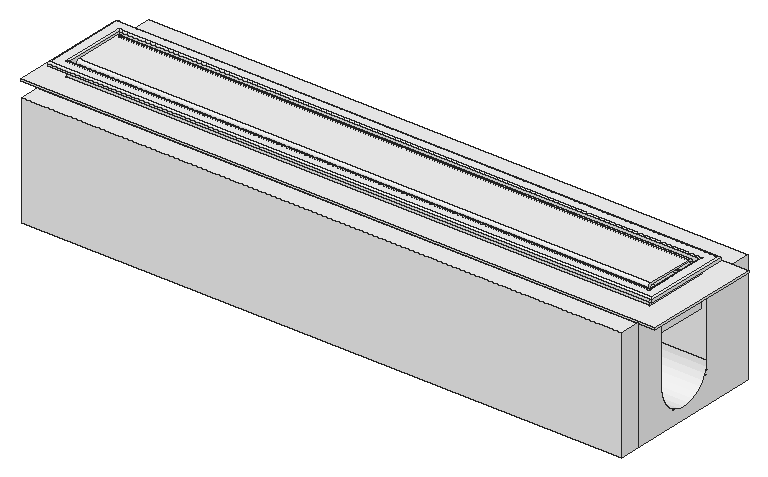
Revit family "NBS_Schluter-SystemsLtd_WstesForShwrTrys_Schluter-KERDI-LINE-H50", category Plumbing Fixtures, Revit 2015
Parameters
  Width = 137.0 mm  # constant formula
  WarrantyStartDate [instance] = "1900-12-31T23:59:59"
  WarrantyGuarantorParts = "n/a"
  WarrantyGuarantorLabor = "n/a"
  WarrantyDurationUnit = "year"
  WarrantyDurationParts = "n/a"
  WarrantyDurationLabor = "n/a"
  WarrantyDescription = "5 years (Please contact Schlüter-Systems for further warranty information)"
  Version = "2"  # constant formula
  Uniclass2015Version = "Products v1.5"
  Uniclass2015Title = "Shower tray wastes"
  Uniclass2015Code = "Pr_70_55_96_83"
  TagNumber [instance] = "n/a"
  SustainabilityPerformance = "n/a"
  SuitableFrameCoverings = "Ceramic tiles, natural stone and other coatings"
  Size = "n/a"
  ShowerTrayGrateMaterial = NBS_Concept
  Shape = "n/a"
  SerialNumber [instance] = "n/a"
  Revision = "n/a"
  ReplacementCost = "n/a"
  ProductInformation = "www.schluter.co.uk/media/schlueter_db_8_7_kerdi_line_uk_1012.pdf"
  OutletConnectionSize = 50.0 mm
  NominalWidth = 0.0 mm
  NominalLength = 500.0 mm
  NominalHeight = 97.0 mm
  NominalBodyWidth = 0.0 mm
  NominalBodyLength = 550.0 mm
  NominalBodyDepth = 0.0 mm
  Name = "WastesForShowerTrays_Schlüter®-KERDI-LINE-H50_500mm_Schlüter-SystemsLtd"
  NBSTypeID = "n/a"
  NBSReference = "45-35-70/337"
  NBSOfficeMasterTag = "n/a"
  NBSNote = "n/a"
  NBSDescription = "Wastes for shower trays"
  NBSCertification = "www.nationalbimlibrary.com/cert/glylpsy5"
  ModelReference = "Schlüter®-KERDI-LINE-H 50"
  ModelNumber = "KLH 50 GE 50"
  ManufacturerURL = "www.schluter.co.uk"
  ManufacturerName = "Schlüter-Systems Ltd"  # constant formula
  Manufacturer = "www.schluter.co.uk"
  Length = 550.0 mm
  IntermediateInstallation [instance] = not(AdjoiningWall)  # yes
  InstallationDate [instance] = "1900-12-31T23:59:59"
  IfcExportType = "FLOORWASTE"  # constant formula
  IfcExportAs = "IfcWasteTerminalType"  # constant formula
  GrateOptions = "Designer Grate A, Designer Grate B, Designer Grate C, Designer Grate D"
  Grade = "n/a"
  FrameHeightOptions = "19 mm (for coverings with thicknesses of 3-15 mm), 30 mm (for coverings with thicknesses of 13-25 mm)"
  Form = "Flush linear drain"
  Finish = "n/a"
  Features = "Pre-adhered waterproof collor made of Schlüter®-KERDI to ensure reliable connection between channel body and the floor and/or wall."
  ExpectedLife = "n/a"
  EnvironmentalProductDeclaration = "n/a"
  DurationUnit = "year"
  DrainageCapacity = "DN 50 = 0.6 L/s (36 L/min)"
  DesignerGrate = NBS_Schluter-SystemsLtd_WstesForShwrTrys_KERDI-LINE_Grate_A : NBS_Schluter-SystemsLtd_WstesForShwrTrys_KERDI-LINE_Grate_A
  Description = "Horizontal drain with integrated odour trap"
  Depth = 110.7 mm  # constant formula
  CoverWidth = 74.0 mm
  CoverMaterial = "Stainless steel V4A 1.440"
  CoverLength = Length - 26.6 mm  # 523.4 mm
  Constituents = "n/a"
  Color = "white and grey"
  CodePerformance = "n/a"
  ChannelSupportMaterial = NBS_Concept
  ChannelSupportLength = Length - 30.6 mm  # 519.4 mm
  ChannelSupportHeight = 97.0 mm  # constant formula
  Category = "Pr_70_55_96_83:Shower tray wastes"
  BodyMaterial = "Channel body: Stainless steel V4A 1.4404; Drain body: High impact polypropylene (PP); Odour trap: Acrylonitrile butadiene styrene (ABS); Frame: Stainless steel V4A 1.440; Channel support: Pressure resistant, expanded polystyrene (EPS)"
  BarCode [instance] = "n/a"
  BIMObjectName = "NBS_Schlüter-SystemsLtd_WastesForShowerTrays_Schlüter®-KERDI-LINE-H50-500mm"
  Author = "NBS"  # constant formula
  AssetType = "Fixed"
  AssetIdentifier [instance] = "n/a"
  AdjoiningWall [instance] = no
  AccessibilityPerformance = "n/a"
Reference planes
  plane 1 "Center (Front/Back)": y = 0
  plane 2: z = 0
  plane 3 "Center (Left/Right)": x = 0
  plane 4: z = -12.2
  plane 5: z = -13.7
  plane 6: z = -110.7
  plane 7: y = -67.5
  plane 8: y = 69.5
  plane 9: y = -50.5
  plane 10: x = -275
  plane 11: x = 275
  plane 12 "PipeConnection": x = 137.5
  plane 13: z = -75.7
Dimensions and locks
  locked: plane 2 to plane 4 at 12.2
  locked: plane 4 to plane 5 at 1.5
  "ChannelSupportHeight": plane 5 to plane 6
  locked: plane 9 to plane 7 at 17
  locked: plane 1 "Center (Front/Back)" to plane 8 at 69.5
  "Width": plane 8 to plane 7
  equal spacing: plane 10, plane 3 "Center (Left/Right)", plane 11
  "Length": plane 10 to plane 11
  locked: plane 3 "Center (Left/Right)" to plane 12 "PipeConnection" at 137.5
  locked: plane 2 to plane 13 at 75.7
  aligned and locked: level to plane 2
  aligned and locked: plane 3 "Center (Left/Right)" to nested 1
  aligned and locked: plane 4 to nested 1
  aligned and locked: plane 3 "Center (Left/Right)" to nested 2
  aligned and locked: plane 1 "Center (Front/Back)" to nested 2
  aligned and locked: nested 2 to plane 6
  aligned and locked: plane 3 "Center (Left/Right)" to nested 3
  aligned and locked: plane 6 to nested 3
  aligned and locked: plane 5 to nested 3
  aligned and locked: plane 3 "Center (Left/Right)" to nested 4
  aligned and locked: plane 1 "Center (Front/Back)" to nested 4
Nested families
  nested 1: "NBS_Schluter-SystemsLtd_WstesForShwrTrys_KERDI-LINE_Tray" at (0, 0, -12.2), TrayLength <- "Length", TrayMaterial <- "ShowerTrayGrateMaterial", type "NBS_Schluter-SystemsLtd_WstesForShwrTrys_KERDI-LINE_Tray"
    with TrayWidth 101.0 mm, TrayMaterial NBS_Concept, TrayLength 550.0 mm, TrayDepth 25.0 mm, HoleWidth 56.0 mm, HoleLength 115.0 mm, HoleFilletRadius 28.0 mm
  nested 2: "NBS_Schluter-SystemsLtd_WstesForShwrTrys_KERDI-LINE_ChannelSupport" at (0, 0, -110.7), ChannelSupportLength <- "ChannelSupportLength", ChannelSupportMaterial <- "ChannelSupportMaterial", IntermediateInstallation <- "IntermediateInstallation", AdjoiningWall <- "AdjoiningWall", type "H50"
    with TrayLength 509.0 mm, IntermediateInstallation yes, ChannelSupportMaterial NBS_Concept, ChannelSupportLength 519.4 mm, AdjoiningWall no, PipeChannelWidth 50.0 mm, PipeChannelDepth 62.0 mm, ChannelSupportHeight 97.0 mm
  nested 3: "NBS_Schluter-SystemsLtd_WstesForShwrTrys_KERDI-LINE_Drain" at (0, 0, -13.7), DrainBodyMaterial <- "ShowerTrayGrateMaterial", type "NBS_Schluter-SystemsLtd_WstesForShwrTrys_KERDI-LINE_Drain"
    with FilletRadius 10.0 mm, DrainPipeRadius 25.0 mm, DrainPipePosition 35.0 mm, DrainPipeLength 70.0 mm, DrainPipeInnerRadius 23.0 mm, DrainPipeDiameter 50.0 mm, DrainBodyWidth 90.0 mm, DrainBodyMaterial NBS_Concept, DrainBodyLength 135.0 mm, DrainBodyDepth 97.0 mm
  nested 4: "NBS_Schluter-SystemsLtd_WstesForShwrTrys_KERDI-LINE_Grate_A" at (0, 0, 0.1), type <- "DesignerGrate", Material <- "ShowerTrayGrateMaterial", Length <- "CoverLength", type "NBS_Schluter-SystemsLtd_WstesForShwrTrys_KERDI-LINE_Grate_A"
    with Width 74.4 mm, Material NBS_Concept, Length 523.4 mm, GrateWidth 47.0 mm
Connectors
  piping at (137.5, 0, -75.7), diameter 50
    settings: index 1, connector inside diameter 609.6 mm, connector length 0.0 mm, flow factor 0, pipe flow 0.0 L/s, pressure drop 0.0 Pa, fitting loss kfactor 0, connector angle 0.00°, fixture units 0, engagement length 0.0 mm, angle of deflection 0.00°, flow configuration 0, flow direction 0, fitting loss method 0, system type 16, joint type 0, gender type 0, connector reference index -1, connector utility 0, adjustable connector no, is connector primary yes, connector description ""
Definition of nested family "NBS_Schluter-SystemsLtd_WstesForShwrTrys_KERDI-LINE_Tray"
  Parameters
    TrayWidth [instance] = 101.0 mm  # constant formula
    TrayMaterial [instance] = none
    TrayLength [instance] = 1000.0 mm
    TrayDepth [instance] = 25.0 mm  # constant formula
    HoleWidth [instance] = 56.0 mm  # constant formula
    HoleLength [instance] = 115.0 mm  # constant formula
    HoleFilletRadius [instance] = HoleWidth / 2  # 28.0 mm
  Reference planes
    plane 1 "Center (Front/Back)": y = 0
    plane 2: z = 0
    plane 3 "Center (Left/Right)": x = 0
    plane 4: y = 50.5
    plane 5: y = -50.5
    plane 6: x = -500
    plane 7: x = 500
    plane 8: y = 28.5
    plane 9: y = -28.5
    plane 10: x = -478
    plane 11: x = 478
    plane 12: z = -25
    plane 13: z = -1.5
    plane 14: y = -30
    plane 15: z = -23.4
    plane 16: x = -29.5
    plane 17: x = 29.5
    plane 18: y = 28
    plane 19: y = -28
    plane 20: x = -57.5
    plane 21: x = 57.5
    plane 22: y = 29.5
    plane 23: x = 59
    plane 24: x = -59
    plane 25: y = -29.5
    plane 26: z = -35
    plane 27: y = 26.5
    plane 28: y = -26.5
    plane 29: x = -56
    plane 30: x = 56
    plane 31: z = -28.4
    plane 32: z = -68.4
    plane 33: z = -71
    plane 34: z = -69
  Forms (mm)
    Sweep 1, solid, material <- "TrayMaterial"
      path origin (0, 0, 0) x (1, 0, 0) y (0, 1, 0)
        loop
          line (-478, -28.5) -> (478, -28.5) -> (478, 28.5) -> (-478, 28.5) -> (-478, -28.5)
      profile origin (0, -28.5, 0) x (0, 1, 0) y (0, 0, 1)
        loop
          line (0, 0) -> (-22, 0) -> (-22, -1.5) -> (-1.5, -1.5) -> (-1.5, -25) -> (0, -25) -> (0, 0)
    Extrusion 2, solid, material <- "TrayMaterial"
      sketch origin (0, 0, 0) x (1, 0, 0) y (0, 1, 0)
        loop
          line (-478, 28.5) -> (-478, -28.5) -> (478, -28.5) -> (478, 28.5) -> (-478, 28.5)
        loop
          line (-29.5, -28) -> (29.5, -28)
          arc (29.5, -28) -> (57.5, 0) -> (29.5, 28) r 28
          line (29.5, 28) -> (-29.5, 28)
          arc (-29.5, 28) -> (-57.5, 0) -> (-29.5, -28) r 28
      from -25 to -23.4
    Extrusion 3, solid, material <- "TrayMaterial"
      sketch origin (0, 0, 0) x (1, 0, 0) y (0, 1, 0)
        loop
          line (-29.5, -29.5) -> (29.5, -29.5)
          arc (29.5, -29.5) -> (59, 0) -> (29.5, 29.5) r 29.5
          line (29.5, 29.5) -> (-29.5, 29.5)
          arc (-29.5, 29.5) -> (-59, 0) -> (-29.5, -29.5) r 29.5
        loop
          arc (-29.5, 28) -> (-57.5, 0) -> (-29.5, -28) r 28
          line (-29.5, -28) -> (29.5, -28)
          arc (29.5, -28) -> (57.5, 0) -> (29.5, 28) r 28
          line (29.5, 28) -> (-29.5, 28)
      from -35 to -25
    Extrusion 4, solid, material <- "TrayMaterial"
      sketch origin (0, 0, 0) x (1, 0, 0) y (0, 1, 0)
        loop
          arc (-29.5, 26.5) -> (-56, 0) -> (-29.5, -26.5) r 26.5
          line (-29.5, -26.5) -> (29.5, -26.5)
          arc (29.5, -26.5) -> (56, 0) -> (29.5, 26.5) r 26.5
          line (29.5, 26.5) -> (-29.5, 26.5)
        loop
          circle (0, 0) r 24.5
      from -28.4 to -23.4
    Extrusion 5, solid, material <- "TrayMaterial"
      sketch origin (0, 0, 0) x (1, 0, 0) y (0, 1, 0)
        loop
          circle (0, 0) r 26.5
        loop
          circle (0, 0) r 24.5
      from -68.4 to -28.4
    Extrusion 6, solid, material <- "TrayMaterial"
      sketch origin (0, 0, 0) x (1, 0, 0) y (0, 1, 0)
        loop
          circle (0, 0) r 42.5
      from -71 to -35
    Extrusion 7, void
      sketch origin (0, 0, 0) x (1, 0, 0) y (0, 1, 0)
        loop
          circle (0, 0) r 40.5
      from -69 to -35
  Cuts and joins
    Extrusion 7 cuts Extrusion 6
  Dimensions and locks
    locked: plane 6 to plane 10 at 22
    locked: plane 11 to plane 7 at 22
    locked: plane 5 to plane 9 at 22
    locked: plane 4 to plane 8 at 22
    equal spacing: plane 4, plane 1 "Center (Front/Back)", plane 5
    equal spacing: plane 6, plane 3 "Center (Left/Right)", plane 7
    "TrayWidth": plane 4 to plane 5
    "TrayLength": plane 6 to plane 7
    "TrayDepth": plane 2 to plane 12
    locked: plane 2 to plane 13 at 1.5
    locked: plane 9 to plane 14 at 1.5
    locked: plane 15 to plane 12 at 1.6
    equal spacing: plane 18, plane 1 "Center (Front/Back)", plane 19
    "HoleWidth": plane 18 to plane 19
    "HoleFilletRadius": plane 20 to plane 16
    "HoleFilletRadius": plane 17 to plane 21
    equal spacing: plane 20, plane 3 "Center (Left/Right)", plane 21
    "HoleLength": plane 20 to plane 21
    locked: plane 19 to plane 25 at 1.5
    locked: plane 22 to plane 18 at 1.5
    locked: plane 24 to plane 20 at 1.5
    locked: plane 21 to plane 23 at 1.5
    locked: plane 12 to plane 26 at 10
    locked: plane 18 to plane 27 at 1.5
    locked: plane 28 to plane 19 at 1.5
    locked: plane 20 to plane 29 at 1.5
    locked: plane 30 to plane 21 at 1.5
    locked: plane 31 to plane 32 at 40
    locked: plane 26 to plane 33 at 36
    locked: plane 34 to plane 33 at 2
    radius of Extrusion 6 sketch curve = 42.5 mm
    radius of Extrusion 7 sketch curve = 40.5 mm
    radius of Extrusion 5 sketch curve = 24.5 mm
    radius of Extrusion 5 sketch curve = 26.5 mm
    radius of Extrusion 4 sketch curve = 24.5 mm
    aligned and locked: level to plane 2
    aligned and locked: plane 8 to Sweep 1 sketch curve
    aligned and locked: Sweep 1 sketch curve to plane 10
    aligned and locked: plane 9 to Sweep 1 sketch curve
    aligned and locked: plane 11 to Sweep 1 sketch curve
    aligned and locked: plane 2 to Sweep 1 sketch curve
    aligned and locked: Sweep 1 sketch curve to plane 9
    aligned and locked: Sweep 1 sketch curve to plane 12
    aligned and locked: Sweep 1 sketch curve to plane 5
    aligned and locked: Sweep 1 sketch curve to plane 13
    aligned and locked: plane 14 to Sweep 1 sketch curve
    aligned and locked: Extrusion 2 sketch curve to plane 8
    aligned and locked: plane 10 to Extrusion 2 sketch curve
    aligned and locked: Extrusion 2 sketch curve to plane 11
    aligned and locked: Extrusion 2 sketch curve to plane 9
    aligned and locked: Extrusion 2 to plane 12
    aligned and locked: plane 15 to Extrusion 2
    aligned and locked: Extrusion 2 sketch curve to plane 18
    aligned and locked: Extrusion 2 sketch curve to plane 19
    aligned and locked: plane 16 to Extrusion 2 sketch curve  (x2)
    aligned and locked: plane 17 to Extrusion 2 sketch curve  (x2)
    aligned and locked: Extrusion 3 sketch curve to plane 25
    aligned and locked: Extrusion 3 sketch curve to plane 22
    aligned and locked: plane 16 to Extrusion 3 sketch curve  (x4)
    aligned and locked: plane 17 to Extrusion 3 sketch curve  (x4)
    aligned and locked: Extrusion 3 sketch curve to plane 19
    aligned and locked: Extrusion 3 sketch curve to plane 18
    aligned and locked: plane 12 to Extrusion 3
    aligned and locked: Extrusion 3 to plane 26
    aligned and locked: Extrusion 4 sketch curve to plane 27
    aligned and locked: Extrusion 4 sketch curve to plane 28
    aligned and locked: plane 16 to Extrusion 4 sketch curve  (x2)
    aligned and locked: plane 17 to Extrusion 4 sketch curve  (x2)
    aligned and locked: plane 15 to Extrusion 4
    aligned and locked: Extrusion 4 to plane 31
    aligned and locked: plane 31 to Extrusion 5
    aligned and locked: Extrusion 5 to plane 32
    aligned and locked: plane 26 to Extrusion 6
    aligned and locked: Extrusion 6 to plane 33
    aligned and locked: plane 26 to Extrusion 7
    aligned and locked: Extrusion 7 to plane 34
  Automatic sketch dimensions
    plane 1 "Center (Front/Back)" to Extrusion 4 sketch curve = 0.0 mm
    Extrusion 4 sketch curve to plane 3 "Center (Left/Right)" = 0.0 mm
    Extrusion 5 sketch curve to Extrusion 5 sketch curve = 0.0 mm  (x2)
    plane 1 "Center (Front/Back)" to Extrusion 5 sketch curve = 0.0 mm
    Extrusion 5 sketch curve to plane 3 "Center (Left/Right)" = 0.0 mm
    plane 1 "Center (Front/Back)" to Extrusion 6 sketch curve = 0.0 mm
    Extrusion 6 sketch curve to plane 3 "Center (Left/Right)" = 0.0 mm
    plane 1 "Center (Front/Back)" to Extrusion 7 sketch curve = 0.0 mm
    Extrusion 7 sketch curve to plane 3 "Center (Left/Right)" = 0.0 mm
Definition of nested family "NBS_Schluter-SystemsLtd_WstesForShwrTrys_KERDI-LINE_ChannelSupport"
  Parameters
    TrayWidth = ChannelSupportWidth - 20.5 mm * 2  # 60.0 mm
    TrayLength [instance] = ChannelSupportLength - 5.2 mm * 2  # 989.6 mm
    TrayDepth = 23.5 mm  # constant formula
    PipeChannelWidth = 40.0 mm
    PipeChannelDepth = 48.0 mm
    IntermediateInstallationWidth = 17.0 mm  # constant formula
    IntermediateInstallation [instance] = not(AdjoiningWall)  # no
    DrainBodyWidth = 90.0 mm  # constant formula
    DrainBodyLength = 135.0 mm  # constant formula
    ChannelSupportWidth = 101.0 mm  # constant formula
    ChannelSupportMaterial [instance] = none
    ChannelSupportLength [instance] = 1000.0 mm
    ChannelSupportHeight = 78.0 mm
    AdjoiningWall [instance] = yes
  Reference planes
    plane 1 "Center (Front/Back)": y = 0
    plane 2: z = 0
    plane 3 "Center (Left/Right)": x = 0
    plane 4: y = 50.5
    plane 5: y = -50.5
    plane 6: x = 500
    plane 7: x = -500
    plane 8: y = 20
    plane 9: y = -20
    plane 10: x = -67.5
    plane 11: x = 67.5
    plane 12: y = 45
    plane 13: y = -45
    plane 14: z = 78
    plane 15: z = 30
    plane 16: y = 30
    plane 17: y = -30
    plane 18: x = -494.8
    plane 19: x = 494.8
    plane 20: z = 54.5
    plane 21: y = 69.5
    plane 22: y = -67.5
  Forms (mm)
    Extrusion 1, solid, material <- "ChannelSupportMaterial"
      sketch origin (0, 0, 0) x (1, 0, 0) y (0, 1, 0)
        loop
          line (-500, 69.5) -> (-500, -50.5) -> (500, -50.5) -> (500, 69.5) -> (-500, 69.5)
        loop
          line (-67.5, 45) -> (-67.5, -45) -> (67.5, -45) -> (67.5, 45) -> (-67.5, 45)
      from 0 to 78
    Extrusion 2, void
      sketch origin (0, 0, 0) x (0, 1, 0) y (0, 0, 1)
        loop
          line (20, 78) -> (-20, 78) -> (-20, 30)
          arc (-20, 30) -> (0, 10) -> (20, 30) r 20
          line (20, 30) -> (20, 78)
      from -500 to 500
    Extrusion 3, void
      sketch origin (0, 0, 0) x (1, 0, 0) y (0, 1, 0)
        loop
          line (-494.8, 30) -> (-494.8, -30) -> (494.8, -30) -> (494.8, 30) -> (-494.8, 30)
      from 54.5 to 78
    Extrusion 4, solid, material <- "ChannelSupportMaterial", visible <- "IntermediateInstallation"
      sketch origin (0, 0, 0) x (1, 0, 0) y (0, 1, 0)
        loop
          line (-500, -50.5) -> (-500, -67.5) -> (500, -67.5) -> (500, -50.5) -> (-500, -50.5)
      from 0 to 78
  Cuts and joins
    Extrusion 2, Extrusion 3 cuts Extrusion 1
  Dimensions and locks
    equal spacing: plane 7, plane 3 "Center (Left/Right)", plane 6
    equal spacing: plane 4, plane 1 "Center (Front/Back)", plane 5
    equal spacing: plane 8, plane 1 "Center (Front/Back)", plane 9
    equal spacing: plane 10, plane 3 "Center (Left/Right)", plane 11
    equal spacing: plane 12, plane 1 "Center (Front/Back)", plane 13
    "ChannelSupportHeight": plane 14 to plane 2
    "ChannelSupportLength": plane 7 to plane 6
    "ChannelSupportWidth": plane 4 to plane 5
    plane 12 to plane 13 = 90.0 mm
    "DrainBodyLength": plane 10 to plane 11
    "PipeChannelWidth": plane 8 to plane 9
    "PipeChannelDepth": plane 14 to plane 15
    equal spacing: plane 17, plane 1 "Center (Front/Back)", plane 16
    "TrayWidth": plane 17 to plane 16
    equal spacing: plane 18, plane 3 "Center (Left/Right)", plane 19
    "TrayLength": plane 18 to plane 19
    "TrayDepth": plane 14 to plane 20
    locked: plane 21 to plane 4 at 19
    locked: plane 22 to plane 5 at 17
    aligned and locked: level to plane 2
    aligned and locked: plane 7 to Extrusion 1 sketch curve
    aligned and locked: Extrusion 1 sketch curve to plane 6
    aligned and locked: plane 5 to Extrusion 1 sketch curve
    aligned and locked: Extrusion 1 to plane 2
    aligned and locked: plane 14 to Extrusion 1
    aligned and locked: Extrusion 2 sketch curve to plane 14
    aligned and locked: plane 9 to Extrusion 2 sketch curve
    aligned and locked: plane 8 to Extrusion 2 sketch curve
    aligned and locked: plane 15 to Extrusion 2 sketch curve  (x2)
    aligned and locked: Extrusion 2 to plane 7
    aligned and locked: plane 6 to Extrusion 2
    aligned and locked: Extrusion 1 sketch curve to plane 12
    aligned and locked: plane 10 to Extrusion 1 sketch curve
    aligned and locked: plane 13 to Extrusion 1 sketch curve
    aligned and locked: Extrusion 1 sketch curve to plane 11
    aligned and locked: Extrusion 3 sketch curve to plane 16
    aligned and locked: Extrusion 3 sketch curve to plane 19
    aligned and locked: Extrusion 3 sketch curve to plane 17
    aligned and locked: plane 18 to Extrusion 3 sketch curve
    aligned and locked: plane 14 to Extrusion 3
    aligned and locked: plane 20 to Extrusion 3
    aligned and locked: Extrusion 1 sketch curve to plane 21
    aligned and locked: Extrusion 4 sketch curve to plane 5
    aligned and locked: Extrusion 4 sketch curve to plane 6
    aligned and locked: Extrusion 4 sketch curve to plane 22
    aligned and locked: plane 7 to Extrusion 4 sketch curve
    aligned and locked: Extrusion 4 to plane 2
    aligned and locked: plane 14 to Extrusion 4
Definition of nested family "NBS_Schluter-SystemsLtd_WstesForShwrTrys_KERDI-LINE_Drain"
  Parameters
    FilletRadius [instance] = 10.0 mm  # constant formula
    DrainPipeRadius [instance] = DrainPipeDiameter / 2  # 20.0 mm
    DrainPipePosition [instance] = 30.0 mm
    DrainPipeLength [instance] = 70.0 mm  # constant formula
    DrainPipeInnerRadius [instance] = DrainPipeRadius - 2.0 mm  # 18.0 mm
    DrainPipeDiameter [instance] = 40.0 mm
    DrainBodyWidth [instance] = 90.0 mm  # constant formula
    DrainBodyMaterial [instance] = none
    DrainBodyLength [instance] = 135.0 mm  # constant formula
    DrainBodyDepth [instance] = 55.0 mm
  Reference planes
    plane 1 "Center (Front/Back)": y = 0
    plane 2: z = 0
    plane 3 "Center (Left/Right)": x = 0
    plane 4: y = 45
    plane 5: y = -45
    plane 6: x = -67.5
    plane 7: x = 67.5
    plane 8: x = -57.5
    plane 9 "RotationAxis1": y = 35
    plane 10 "RotationAxis2": y = -35
    plane 11: x = 57.5
    plane 12: z = -55
    plane 13: z = -45
    plane 14: z = -25
    plane 15: x = 137.5
    plane 16: x = -65.5
    plane 17: y = 43
    plane 18: y = -43
    plane 19: x = 65.5
    plane 20: z = -53
  Forms (mm)
    Extrusion 1, solid, material <- "DrainBodyMaterial"
      sketch origin (0, 0, 0) x (1, 0, 0) y (0, 1, 0)
        loop
          arc (-67.5, -35) -> (-64.571, -42.071) -> (-57.5, -45) r 10
          line (-57.5, -45) -> (57.5, -45)
          arc (57.5, -45) -> (64.571, -42.071) -> (67.5, -35) r 10
          line (67.5, -35) -> (67.5, 35)
          arc (67.5, 35) -> (64.571, 42.071) -> (57.5, 45) r 10
          line (57.5, 45) -> (-57.5, 45)
          arc (-57.5, 45) -> (-64.571, 42.071) -> (-67.5, 35) r 10
          line (-67.5, 35) -> (-67.5, -35)
        loop
          line (-65.5, 35) -> (-65.5, -35)
          arc (-65.5, -35) -> (-63.157, -40.657) -> (-57.5, -43) r 8
          line (-57.5, -43) -> (57.5, -43)
          arc (57.5, -43) -> (63.157, -40.657) -> (65.5, -35) r 8
          line (65.5, -35) -> (65.5, 35)
          arc (65.5, 35) -> (63.157, 40.657) -> (57.5, 43) r 8
          line (57.5, 43) -> (-57.5, 43)
          arc (-57.5, 43) -> (-63.157, 40.657) -> (-65.5, 35) r 8
      from -45 to 0
    Extrusion 2, solid, material <- "DrainBodyMaterial"
      sketch origin (0, 0, 0) x (1, 0, 0) y (0, 0, 1)
        loop
          arc (57.5, -55) -> (64.571, -52.071) -> (67.5, -45) r 10
          line (67.5, -45) -> (65.5, -45)
          arc (65.5, -45) -> (63.157, -50.657) -> (57.5, -53) r 8
          line (57.5, -53) -> (-57.5, -53)
          arc (-57.5, -53) -> (-63.157, -50.657) -> (-65.5, -45) r 8
          line (-65.5, -45) -> (-67.5, -45)
          arc (-67.5, -45) -> (-64.571, -52.071) -> (-57.5, -55) r 10
          line (-57.5, -55) -> (57.5, -55)
      from -35 to 35
    Revolve 3, solid, material <- "DrainBodyMaterial"
      sketch origin (0, -35, 0) x (-1, 0, 0) y (0, 0, -1)
        loop
          arc (67.5, 45) -> (64.571, 52.071) -> (57.5, 55) r 10
          line (57.5, 55) -> (-57.5, 55)
          arc (-57.5, 55) -> (-64.571, 52.071) -> (-67.5, 45) r 10
          line (-67.5, 45) -> (-65.5, 45)
          arc (-65.5, 45) -> (-63.157, 50.657) -> (-57.5, 53) r 8
          line (-57.5, 53) -> (57.5, 53)
          arc (57.5, 53) -> (63.157, 50.657) -> (65.5, 45) r 8
          line (65.5, 45) -> (67.5, 45)
        axis (67.5, 45) -> (-67.5, 45)
      angle from 270 to 360
    Extrusion 4, void
      sketch origin (0, 0, 0) x (0, 1, 0) y (0, 0, 1)
        loop
          circle (0, -25) r 18
      from 57.5 to 90.658
    Extrusion 5, solid, material <- "DrainBodyMaterial"
      sketch origin (0, 0, 0) x (0, 1, 0) y (0, 0, 1)
        loop
          circle (0, -25) r 20
        loop
          circle (0, -25) r 18
      from 65.5 to 137.5
    Revolve 6, solid, material <- "DrainBodyMaterial"
      sketch origin (0, 35, 0) x (-1, 0, 0) y (0, 0, 1)
        loop
          line (67.5, -45) -> (65.5, -45)
          arc (65.5, -45) -> (63.157, -50.657) -> (57.5, -53) r 8
          line (57.5, -53) -> (-57.5, -53)
          arc (-57.5, -53) -> (-63.157, -50.657) -> (-65.5, -45) r 8
          line (-65.5, -45) -> (-67.5, -45)
          arc (-67.5, -45) -> (-64.571, -52.071) -> (-57.5, -55) r 10
          line (-57.5, -55) -> (57.5, -55)
          arc (57.5, -55) -> (64.571, -52.071) -> (67.5, -45) r 10
        axis (67.5, -45) -> (-67.5, -45)
      angle from 270 to 360
  Cuts and joins
    Extrusion 4 cuts Extrusion 1
    Extrusion 4 cuts Extrusion 2
  Dimensions and locks
    equal spacing: plane 6, plane 3 "Center (Left/Right)", plane 7
    "DrainBodyLength": plane 6 to plane 7
    equal spacing: plane 4, plane 1 "Center (Front/Back)", plane 5
    "DrainBodyWidth": plane 4 to plane 5
    "FilletRadius": plane 6 to plane 8
    "FilletRadius": plane 11 to plane 7
    "FilletRadius": plane 10 "RotationAxis2" to plane 5
    "FilletRadius": plane 4 to plane 9 "RotationAxis1"
    "DrainBodyDepth": plane 2 to plane 12
    "FilletRadius": plane 13 to plane 12
    "DrainPipePosition": plane 14 to plane 12
    "DrainPipeLength": plane 7 to plane 15
    locked: plane 18 to plane 5 at 2
    locked: plane 4 to plane 17 at 2
    locked: plane 6 to plane 16 at 2
    locked: plane 19 to plane 7 at 2
    locked: plane 20 to plane 12 at 2
    "DrainPipeInnerRadius": radius of Extrusion 4 sketch curve
    "DrainPipeRadius": radius of Extrusion 5 sketch curve
    "DrainPipeInnerRadius": radius of Extrusion 5 sketch curve
    aligned and locked: level to plane 2
    aligned and locked: plane 6 to Extrusion 1 sketch curve
    aligned and locked: Extrusion 1 sketch curve to plane 4
    aligned and locked: plane 5 to Extrusion 1 sketch curve
    aligned and locked: Extrusion 1 sketch curve to plane 7
    aligned and locked: plane 8 to Extrusion 1 sketch curve  (x4)
    aligned and locked: plane 9 "RotationAxis1" to Extrusion 1 sketch curve  (x4)
    aligned and locked: plane 10 "RotationAxis2" to Extrusion 1 sketch curve  (x4)
    aligned and locked: plane 11 to Extrusion 1 sketch curve  (x4)
    aligned and locked: plane 2 to Extrusion 1
    aligned and locked: Extrusion 1 to plane 13
    aligned and locked: plane 12 to Extrusion 2 sketch curve
    aligned and locked: plane 8 to Extrusion 2 sketch curve
    aligned and locked: plane 13 to Extrusion 2 sketch curve  (x2)
    aligned and locked: plane 11 to Extrusion 2 sketch curve
    aligned and locked: plane 9 "RotationAxis1" to Extrusion 2
    aligned and locked: Extrusion 2 to plane 10 "RotationAxis2"
    aligned and locked: Revolve 3 to plane 10 "RotationAxis2"
    aligned and locked: plane 17 to Extrusion 1 sketch curve
    aligned and locked: Extrusion 1 sketch curve to plane 16
    aligned and locked: Extrusion 1 sketch curve to plane 18
    aligned and locked: plane 19 to Extrusion 1 sketch curve
    aligned and locked: Extrusion 4 to plane 11
    aligned and locked: plane 15 to Extrusion 5
    aligned and locked: Extrusion 5 to plane 19
    aligned and locked: Revolve 3 sketch curve to plane 20
    aligned and locked: Revolve 3 sketch curve to plane 13
    aligned and locked: plane 8 to Revolve 3 sketch curve
    aligned and locked: plane 13 to Revolve 3 sketch curve  (x3)
    aligned and locked: plane 11 to Revolve 3 sketch curve
    aligned and locked: plane 9 "RotationAxis1" to Revolve 6
    aligned and locked: plane 13 to Revolve 6
  Automatic sketch dimensions
    Extrusion 2 sketch curve to Extrusion 2 sketch curve = 0.0 mm  (x2)
    Extrusion 2 sketch curve to plane 16 = 0.0 mm
    Revolve 3 sketch curve to Revolve 3 sketch curve = 0.0 mm  (x2)
    Revolve 3 sketch curve to plane 13 = 0.0 mm
    Revolve 3 sketch curve to plane 7 = 0.0 mm
    plane 15 to Revolve 3 sketch curve = 1761.483 mm
    Revolve 3 sketch curve to Revolve 3 sketch curve = 1380.282 mm
    Revolve 6 sketch curve to Revolve 6 sketch curve = 0.0 mm  (x4)
    Revolve 6 sketch curve to plane 13 = 0.0 mm  (x3)
    Revolve 6 sketch curve to plane 7 = 0.0 mm
    Revolve 6 sketch curve to plane 19 = 0.0 mm
    Revolve 6 sketch curve to plane 11 = 0.0 mm
    Revolve 6 sketch curve to plane 8 = 0.0 mm
    plane 15 to Revolve 6 sketch curve = 1761.483 mm
    Revolve 6 sketch curve to Revolve 6 sketch curve = 1380.282 mm
    Extrusion 4 sketch curve to plane 1 "Center (Front/Back)" = 0.0 mm
    Extrusion 4 sketch curve to plane 14 = 0.0 mm
    Extrusion 5 sketch curve to Extrusion 5 sketch curve = 0.0 mm  (x2)
    Extrusion 5 sketch curve to plane 1 "Center (Front/Back)" = 0.0 mm
    Extrusion 5 sketch curve to plane 14 = 0.0 mm
Definition of nested family "NBS_Schluter-SystemsLtd_WstesForShwrTrys_KERDI-LINE_Grate_A"
  Parameters
    GrateWidth [instance] = 47.0 mm  # constant formula
    Width [instance] = 74.4 mm  # constant formula
    Material [instance] = none
    Length [instance] = 1023.4 mm
  Reference planes
    plane 1 "Center (Front/Back)": y = 0
    plane 2: z = 0
    plane 3 "Center (Left/Right)": x = 0
    plane 4: y = 37.2
    plane 5: y = -37.2
    plane 6: x = -511.7
    plane 7: x = 511.7
    plane 8: x = -501.7
    plane 9: x = 501.7
    plane 10: y = -27.2
    plane 11: y = 27.2
    plane 12: x = -497.7
    plane 13: x = 497.7
    plane 14: y = 23.5
    plane 15: y = -23.5
    plane 16: z = -12
    plane 17: z = -19
    plane 18: x = -496.2
    plane 19: x = 496.2
    plane 20: y = 22
    plane 21: y = -22
    plane 22: z = -1.5
    plane 23: y = 28
    plane 24: z = -0.806
    plane 25: y = 36.4
    plane 26: z = -3
    plane 27: z = -12.8
    plane 28: y = 21
    plane 29: z = -2.5
    plane 30: y = -21
    plane 31: y = 35.9
    plane 32: y = 28.5
    plane 33: z = -1.3
    plane 34: y = 21.2
  Forms (mm)
    Sweep 1, solid, material <- "Material", detail levels fine
      path origin (0, 0, 0) x (1, 0, 0) y (0, 1, 0)
        loop
          line (-511.7, 37.2) -> (-511.7, -37.2) -> (511.7, -37.2) -> (511.7, 37.2) -> (-511.7, 37.2)
      profile origin (0, 37.2, 0) x (0, 1, 0) y (0, 0, 1)
        loop
          line (-1.3, 0) -> (-8.723, 0)
          arc (-8.723, 0) -> (-9.627, -0.389) -> (-10, -1.3) r 1.3
          line (-10, -1.3) -> (-10, -19) -> (-9.2, -19) -> (-9.2, -0.806) -> (-0.8, -0.806) -> (-0.8, -3) -> (0, -3) -> (0, -1.3)
          arc (0, -1.3) -> (-0.381, -0.381) -> (-1.3, 0) r 1.3
    Sweep 2, solid, material <- "Material"
      path origin (0, 0, 0) x (1, 0, 0) y (0, 1, 0)
        loop
          line (-511.7, 37.2) -> (-511.7, -37.2) -> (511.7, -37.2) -> (511.7, 37.2) -> (-511.7, 37.2)
      profile origin (0, 37.2, 0) x (0, 1, 0) y (0, 0, 1)
        loop
          line (-10, -12) -> (-16, -12) -> (-16, -12.8) -> (-10, -12.8) -> (-10, -12)
    Extrusion 3, solid, material <- "Material", detail levels fine
      sketch origin (0, 0, 0) x (0, 1, 0) y (0, 0, 1)
        loop
          line (23.5, -12) -> (23.5, -2.5)
          arc (23.5, -2.5) -> (22.768, -0.732) -> (21, 0) r 2.5
          line (21, 0) -> (-21, 0)
          arc (-21, 0) -> (-22.768, -0.732) -> (-23.5, -2.5) r 2.5
          line (-23.5, -2.5) -> (-23.5, -12) -> (-22, -12) -> (-22, -2.5)
          arc (-22, -2.5) -> (-21.707, -1.793) -> (-21, -1.5) r 1
          line (-21, -1.5) -> (21, -1.5)
          arc (21, -1.5) -> (21.707, -1.793) -> (22, -2.5) r 1
          line (22, -2.5) -> (22, -12) -> (23.5, -12)
      from -497.7 to 497.7
    Extrusion 4, solid, material <- "Material", detail levels coarse+medium
      sketch origin (0, 0, 0) x (0, 1, 0) y (0, 0, 1)
        loop
          line (23.5, 0) -> (-23.5, 0) -> (-23.5, -12) -> (-22, -12) -> (-22, -1.5) -> (22, -1.5) -> (22, -12) -> (23.5, -12) -> (23.5, 0)
      from -497.7 to 497.7
    Sweep 5, solid, material <- "Material", detail levels coarse+medium
      path origin (0, 0, 0) x (1, 0, 0) y (0, 1, 0)
        loop
          line (-511.7, 37.2) -> (-511.7, -37.2) -> (511.7, -37.2) -> (511.7, 37.2) -> (-511.7, 37.2)
      profile origin (0, 37.2, 0) x (0, 1, 0) y (0, 0, 1)
        loop
          line (0, 0) -> (-10, 0) -> (-10, -19) -> (-9.2, -19) -> (-9.2, -3) -> (0, -3) -> (0, 0)
  Dimensions and locks
    equal spacing: plane 6, plane 3 "Center (Left/Right)", plane 7
    "Length": plane 6 to plane 7
    equal spacing: plane 4, plane 1 "Center (Front/Back)", plane 5
    "Width": plane 4 to plane 5
    locked: plane 10 to plane 5 at 10
    locked: plane 11 to plane 4 at 10
    locked: plane 6 to plane 8 at 10
    locked: plane 9 to plane 7 at 10
    locked: plane 8 to plane 12 at 4
    locked: plane 13 to plane 9 at 4
    locked: plane 15 to plane 21 at 1.5
    locked: plane 14 to plane 20 at 1.5
    locked: plane 12 to plane 18 at 1.5
    locked: plane 19 to plane 13 at 1.5
    locked: plane 2 to plane 22 at 1.5
    locked: plane 23 to plane 11 at 0.8
    locked: plane 4 to plane 25 at 0.8
    locked: plane 2 to plane 24 at 0.806
    locked: plane 2 to plane 26 at 3
    locked: plane 16 to plane 27 at 0.8
    locked: plane 14 to plane 28 at 2.5
    locked: plane 30 to plane 15 at 2.5
    locked: plane 29 to plane 2 at 2.5
    locked: plane 2 to plane 33 at 1.3
    locked: plane 4 to plane 31 at 1.3
    locked: plane 32 to plane 11 at 1.3
    locked: plane 2 to plane 27 at 12.8
    locked: plane 2 to plane 17 at 19
    "GrateWidth": plane 15 to plane 14
    equal spacing: plane 15, plane 1 "Center (Front/Back)", plane 14
    locked: plane 11 to plane 34 at 6
    aligned and locked: level to plane 2
    aligned and locked: Sweep 1 sketch curve to plane 4  (x2)
    aligned and locked: Sweep 1 sketch curve to plane 7
    aligned and locked: plane 5 to Sweep 1 sketch curve
    aligned and locked: plane 6 to Sweep 1 sketch curve
    aligned and locked: plane 17 to Sweep 1 sketch curve
    aligned and locked: Sweep 1 sketch curve to plane 11
    aligned and locked: Sweep 1 sketch curve to plane 23
    aligned and locked: plane 24 to Sweep 1 sketch curve
    aligned and locked: Sweep 1 sketch curve to plane 2
    aligned and locked: plane 26 to Sweep 1 sketch curve
    aligned and locked: Sweep 1 sketch curve to plane 25
    aligned and locked: plane 6 to Sweep 2 sketch curve
    aligned and locked: Sweep 2 sketch curve to plane 4
    aligned and locked: Sweep 2 sketch curve to plane 7
    aligned and locked: plane 5 to Sweep 2 sketch curve
    aligned and locked: plane 11 to Sweep 2 sketch curve
    aligned and locked: Sweep 2 sketch curve to plane 16
    aligned and locked: plane 27 to Sweep 2 sketch curve
    aligned and locked: plane 14 to Extrusion 3 sketch curve
    aligned and locked: plane 20 to Extrusion 3 sketch curve
    aligned and locked: plane 16 to Extrusion 3 sketch curve  (x2)
    aligned and locked: plane 22 to Extrusion 3 sketch curve
    aligned and locked: Extrusion 3 sketch curve to plane 2
    aligned and locked: Extrusion 3 sketch curve to plane 15
    aligned and locked: Extrusion 3 sketch curve to plane 21
    aligned and locked: Extrusion 3 to plane 13
    aligned and locked: plane 12 to Extrusion 3
    aligned and locked: plane 30 to Extrusion 3 sketch curve  (x2)
    aligned and locked: plane 29 to Extrusion 3 sketch curve  (x4)
    aligned and locked: plane 28 to Extrusion 3 sketch curve  (x2)
    aligned and locked: plane 33 to Sweep 1 sketch curve  (x2)
    aligned and locked: plane 31 to Sweep 1 sketch curve
    aligned and locked: Extrusion 4 sketch curve to plane 2
    aligned and locked: plane 22 to Extrusion 4 sketch curve
    aligned and locked: plane 16 to Extrusion 4 sketch curve  (x2)
    aligned and locked: Extrusion 4 sketch curve to plane 15
    aligned and locked: Extrusion 4 sketch curve to plane 21
    aligned and locked: plane 14 to Extrusion 4 sketch curve
    aligned and locked: plane 20 to Extrusion 4 sketch curve
    aligned and locked: Sweep 5 sketch curve to plane 7
    aligned and locked: plane 6 to Sweep 5 sketch curve
    aligned and locked: Sweep 5 sketch curve to plane 4  (x2)
    aligned and locked: plane 5 to Sweep 5 sketch curve
    aligned and locked: Sweep 5 sketch curve to plane 2
    aligned and locked: Sweep 5 sketch curve to plane 23
    aligned and locked: plane 17 to Sweep 5 sketch curve
    aligned and locked: Sweep 5 sketch curve to plane 11
    aligned and locked: plane 26 to Sweep 5 sketch curve
    aligned and locked: Extrusion 4 to plane 13
    aligned and locked: plane 12 to Extrusion 4
    aligned and locked: plane 34 to Sweep 2 sketch curve
  Automatic sketch dimensions
    Sweep 1 sketch curve to Sweep 1 sketch curve = 0.477 mm
    Sweep 1 sketch curve to Sweep 1 sketch curve = 0.0 mm
